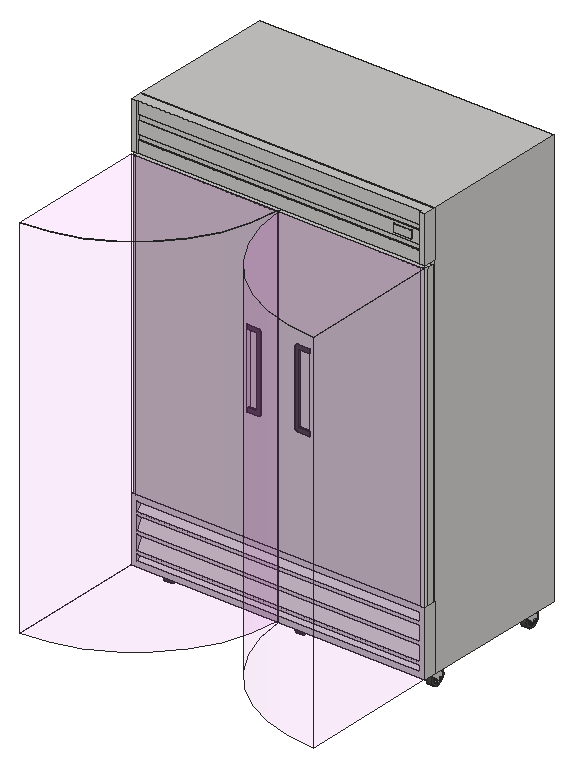
Revit family "QF_Summit_ACRR432L_General_Purpose_Healthcare_All_Refrigerator", category Specialty Equipment, Revit 2020
Family settings
  Round Connector Dimension = Use Diameter
  Part Type = Normal
  Work Plane-Based = No
  Always vertical = Yes
  Cut with Voids When Loaded = No
  Shared = No
  Room Calculation Point = No
Parameters
  Weight in Pounds = 428
  Watts = if(Phase = 3, Volts * FL Amps * 1.73, Volts * FL Amps)  # 736 W
  Volts = 115 V
  URL Cutsheet = ""
  Specification by User = ""
  Specification by Manufacturer = ""
  Show Clearance [instance] = yes
  Serial Number = ""
  Seismic Rating = ""
  SMACNA No = ""
  Revision Code = ""
  Phase = 1
  Number of Poles = 1
  NAFEM Spec ID Number = ""
  Model = "ACRR432L"
  Min Ckt Ampacity = 0 A
  Max Overcurrent Protection = 0 A
  Masterspec = ""
  Manufacturer = "Summit"
  Length = 54 1/4"
  Item Number = ""
  Installed By = ""
  Identify Quantity as Lot = yes
  Height = 81 1/2"
  HP = ""
  Furnished By = ""
  Foodservice Equipment Identifier = yes
  FL Amps = 6.4 A
  Electrical Remarks = ""
  Electric Connection Type = ""
  Elec Conn RI Height = 0"
  Elec Conn Connection Height = 0"
  Description = "General Purpose Healthcare All-Refrigerator"
  Depth = 29 3/4"
  Default Elevation = 0"
  Cycle = 60 Hz
  Conn Plug = ""
  Conn Conduit = yes
  CSI MasterFormat = ""
  Apparent Power = if(Phase = 3, Volts * FL Amps * 1.73, Volts * FL Amps)  # 736 VA
Reference planes (in)
  plane 1 "BACK": y = 0
  plane 2: z = 0
  plane 3 "LEFT": x = 0
  plane 4 "RIGHT": x = 54.25
  plane 5 "FRONT": y = -29.75
  plane 6 "TOP": z = 81.5
  plane 7 "Center Y": x = 27.125
  plane 8 "Center X": y = -14.875
  plane 9 "Base Height": z = 3.5
  plane 10: y = 0.75
  plane 11: y = -55.5
  plane 12: y = -27.5
Forms (in)
  Extrusion 1, solid, material "QF_Metal_Stainless_Polished"
    sketch origin (0, 0, 3.5) x (-1, 0, 0) y (0, -1, 0)
      loop
        line (-1, 26.5) -> (-53.25, 26.5) -> (-53.25, 1) -> (-1, 1) -> (-1, 26.5)
    from 0 to 0.75
  Extrusion 2, solid, material "QF_Metal_Stainless_Polished"
    sketch origin (0, 0, 4.25) x (-1, 0, 0) y (0, -1, 0)
      loop
        line (0, 0) -> (0, 27.5) -> (-54.25, 27.5) -> (-54.25, 0) -> (0, 0)
    from 0 to 77.25
  Extrusion 3, solid, material "QF_Metal_Stainless_Polished"
    sketch origin (57.38997, -27.5, 4.25) x (-1, 0, 0) y (0, 0, -1)
      loop
        line (57.38997, -77.25) -> (57.38997, -68.625) -> (56.38997, -68.625) -> (56.38997, -77.25) -> (57.38997, -77.25)
      loop
        line (3.13997, -77.25) -> (4.13997, -77.25) -> (4.13997, -68.625) -> (3.13997, -68.625) -> (3.13997, -77.25)
      loop
        line (57.38997, -12) -> (57.38997, 0) -> (3.13997, 0) -> (3.13997, -12) -> (57.38997, -12)
      loop
        line (56.38997, -1) -> (4.13997, -1) -> (4.13997, -11) -> (56.38997, -11) -> (56.38997, -1)
    from 0 to 2.25
  Extrusion 4, solid, material "QF_Metal_Stainless_Polished"
    sketch origin (1, -27.5, 81.5) x (0, 0, -1) y (0, 1, 0)
      loop
        line (75, -2.25) -> (75, -1) -> (76.25, -2.25) -> (76.25, 0) -> (66.25, 0) -> (66.25, -1) -> (68, -2.25) -> (68.5, -2.25) -> (68.5, -1) -> (71.25, -2.25) -> (71.75, -2.25) -> (71.75, -1) -> (74.5, -2.25) -> (75, -2.25)
      loop
        line (2.25, -2) -> (2.25, -1.75) -> (3.25, -1.75) -> (3.25, -2) -> (5.5, -2) -> (5.5, -1.75) -> (6.5, -1.75) -> (6.5, -2) -> (8.625, -2) -> (8.625, 0) -> (0, 0) -> (0, -2) -> (2.25, -2)
    from 0 to 52.25
  Extrusion 5, solid, material "QF_Rubber - Black - Smooth"
    sketch origin (57.38997, -27.5, 4.25) x (-1, 0, 0) y (0, 0, -1)
      loop
        line (57.01497, -12.375) -> (3.51497, -12.375) -> (3.51497, -67.75) -> (57.01497, -67.75) -> (57.01497, -12.375)
    from 0 to 0.5
  Extrusion 6, solid, material "QF_Metal_Stainless_Polished"
    sketch origin (54.25, -27.5, 16.25) x (-1, 0, 0) y (0, -1, 0)
      loop
        arc (53.5, 2.2465) -> (54.03033, 2.02683) -> (54.25, 1.4965) r 0.75
        line (54.25, 1.4965) -> (54.25, 0.5) -> (27.25, 0.5) -> (27.25, 2.25) -> (53.5, 2.25)
      loop
        arc (0.75, 2.2465) -> (0.21967, 2.02683) -> (0, 1.4965) r 0.75
        line (0, 1.4965) -> (0, 0.5) -> (27, 0.5) -> (27, 2.25) -> (0.75, 2.25)
    from 0 to 56.125
  Extrusion 7, solid, material "QF_Metal_Stainless_Polished"
    sketch origin (1, -29.5, 81.5) x (0, 0, -1) y (1, 0, 0)
      loop
        line (4.98688, 50.65) -> (3.76313, 50.65)
        arc (3.76313, 50.65) -> (3.68534, 50.61778) -> (3.65313, 50.54) r 0.11
        line (3.65313, 50.54) -> (3.65313, 47.46)
        arc (3.65313, 47.46) -> (3.68534, 47.38222) -> (3.76313, 47.35) r 0.11
        line (3.76313, 47.35) -> (4.98688, 47.35)
        arc (4.98688, 47.35) -> (5.06466, 47.38222) -> (5.09688, 47.46) r 0.11
        line (5.09688, 47.46) -> (5.09688, 50.54)
        arc (5.09688, 50.54) -> (5.06466, 50.61778) -> (4.98688, 50.65) r 0.11
    from 0 to 0.0625
  Extrusion 8, void
    sketch origin (1, -29.5, 81.5) x (0, 0, -1) y (1, 0, 0)
      loop
        line (29.8125, 22.375) -> (29.8125, 20.25) -> (44.3125, 20.25) -> (44.3125, 22.375)
        arc (44.3125, 22.375) -> (44.12944, 22.81694) -> (43.6875, 23) r 0.625
        line (43.6875, 23) -> (30.4375, 23)
        arc (30.4375, 23) -> (29.99556, 22.81694) -> (29.8125, 22.375) r 0.625
      loop
        arc (29.8125, 29.875) -> (29.99556, 29.43306) -> (30.4375, 29.25) r 0.625
        line (30.4375, 29.25) -> (43.6875, 29.25)
        arc (43.6875, 29.25) -> (44.12944, 29.43306) -> (44.3125, 29.875) r 0.625
        line (44.3125, 29.875) -> (44.3125, 32) -> (29.8125, 32) -> (29.8125, 29.875)
    from -0.5 to 0.5
  Extrusion 9, solid, material "QF_Metal_Black"
    sketch origin (27, -29.75, 16.25) x (-1, 0, 0) y (0, 0, -1)
      loop
        line (3.625, -35.4375) -> (5.75, -35.4375) -> (5.75, -34.6872) -> (3.8753, -34.6872)
        arc (3.8753, -34.6872) -> (3.78227, -34.64617) -> (3.7503, -34.54965) r 0.1253
        line (3.7503, -34.54965) -> (3.7503, -21.82535)
        arc (3.7503, -21.82535) -> (3.78227, -21.72883) -> (3.8753, -21.6878) r 0.1253
        line (3.8753, -21.6878) -> (5.75, -21.6878) -> (5.75, -20.9375) -> (3.625, -20.9375)
        arc (3.625, -20.9375) -> (3.18306, -21.12056) -> (3, -21.5625) r 0.625
        line (3, -21.5625) -> (3, -34.8125)
        arc (3, -34.8125) -> (3.18306, -35.25444) -> (3.625, -35.4375) r 0.625
      loop
        arc (-3.875, -35.4375) -> (-3.43306, -35.25444) -> (-3.25, -34.8125) r 0.625
        line (-3.25, -34.8125) -> (-3.25, -21.5625)
        arc (-3.25, -21.5625) -> (-3.43306, -21.12056) -> (-3.875, -20.9375) r 0.625
        line (-3.875, -20.9375) -> (-6, -20.9375) -> (-6, -21.6878) -> (-4.1253, -21.6878)
        arc (-4.1253, -21.6878) -> (-4.03227, -21.72883) -> (-4.0003, -21.82535) r 0.1253
        line (-4.0003, -21.82535) -> (-4.0003, -34.54965)
        arc (-4.0003, -34.54965) -> (-4.03227, -34.64617) -> (-4.1253, -34.6872) r 0.1253
        line (-4.1253, -34.6872) -> (-6, -34.6872) -> (-6, -35.4375) -> (-3.875, -35.4375)
    from 0 to -0.25
  Extrusion 10, solid
    sketch origin (0, 0, 4.25) x (1, 0, 0) y (0, 0, -1)
      loop
        circle (50.68575, -1.3843) r 0.25
    from 0 to 0.0625
  Extrusion 11, solid
    sketch origin (0, 0, 4.25) x (1, 0, 0) y (0, 0, -1)
      loop
        line (44.5, -8.5) -> (46.25, -8.5) -> (46.25, -6.25) -> (44.5, -6.25) -> (44.5, -8.5)
    from 0 to 0.75
  Extrusion 12, solid, material "QF_Clearances_Door_Drawer", visible <- "Show Clearance"
    sketch origin (54.25, -27.5, 16.25) x (0, -1, 0) y (-1, 0, 0)
      loop
        arc (2.25, 27.27895) -> (20.52882, 35.6053) -> (28, 54.25) r 27
        line (28, 54.25) -> (2.25, 54.25) -> (2.25, 27.27895)
      loop
        line (2.25, 26.97105) -> (2.25, 0) -> (28, 0)
        arc (28, 0) -> (20.52882, 18.6447) -> (2.25, 26.97105) r 27
    from -56.125 to 12
Cuts and joins
  joined: Extrusion 3, Extrusion 4
  Extrusion 8 cuts Extrusion 6
Lines and regions (in)
  Split face 1
    outline origin (1, -29.5625, 81.5) x (0, 0, -1) y (1, 0, 0)
      loop
        line (4.61563, 48.0375) -> (4.61563, 49.9614) -> (3.85938, 49.9614) -> (3.85938, 48.0375) -> (4.61563, 48.0375)
  Split face 2
    outline origin (1, -29.5625, 81.5) x (0, 0, -1) y (1, 0, 0)
      loop
        line (4.01486, 50.41322) -> (3.82958, 50.30625) -> (4.01486, 50.19928) -> (4.01486, 50.41322)
  Split face 3
    outline origin (1, -29.5625, 81.5) x (0, 0, -1) y (1, 0, 0)
      loop
        line (4.28794, 50.41322) -> (4.28794, 50.19928) -> (4.47322, 50.30625) -> (4.28794, 50.41322)
  Split face 4
    outline origin (1, -29.5625, 81.5) x (0, 0, -1) y (1, 0, 0)
      loop
        circle (4.90931, 50.30625) r 0.10697
  symbolic lines
    curve 1: line (0, 0, 3.5) -> (54.25, 0, 3.5)
    curve 2: line (0, -29.75, 3.5) -> (0, 0, 3.5)
    curve 3: line (54.25, -27.5, 3.5) -> (0, -27.5, 3.5)
    curve 4: line (54.25, 0, 3.5) -> (54.25, -29.75, 3.5)
    curve 5: line (1, -29.5, 3.5) -> (53.25, -29.5, 3.5)
    curve 6: line (0, -29.75, 3.5) -> (54.25, -29.75, 3.5)
    curve 7: line (53.25, -29.5, 3.5) -> (53.25, -29.75, 3.5)
    curve 8: line (1, -29.5, 3.5) -> (1, -29.75, 3.5)
    curve 13: line (44.5, 0, 3.5) -> (44.5, 0.75, 3.5)
    curve 14: line (44.5, 0.75, 3.5) -> (46.25, 0.75, 3.5)
    curve 15: line (46.25, 0.75, 3.5) -> (46.25, 0, 3.5)
  symbolic lines, style "QF_Clearances_Door_Drawer", visible <- "Show Clearance"
    curve 9: line (54.25, -29.75, 3.5) -> (31.42738, -42.92664, 3.5)
    curve 10: arc (31.42738, -42.92664, 3.5) -> (28.4962, -36.60812, 3.5) -> (27.27895, -29.75, 3.5) r 27
    curve 11: line (0, -29.75, 3.5) -> (22.82262, -42.92664, 3.5)
    curve 12: arc (22.82262, -42.92664, 3.5) -> (25.7538, -36.60812, 3.5) -> (26.97105, -29.75, 3.5) r 27
Dimensions and locks (in)
  equal spacing: plane 3 "LEFT", plane 7 "Center Y", plane 4 "RIGHT"
  "Length": plane 3 "LEFT" to plane 4 "RIGHT"
  equal spacing: plane 5 "FRONT", plane 8 "Center X", plane 1 "BACK"
  "Depth": plane 5 "FRONT" to plane 1 "BACK"
  "Height": plane 6 "TOP" to level
  plane 9 "Base Height" to level = 3 1/2"
  plane 6 "TOP" to plane 9 "Base Height" = 78"
  plane 1 "BACK" to plane 10 = 3/4"
  plane 10 to plane 11 = 56 1/4"
  plane 12 to plane 1 "BACK" = 27 1/2"
  aligned and locked: level to plane 2
Automatic sketch dimensions
  plane 1 "BACK" to Extrusion 1 sketch curve = 1"
  plane 4 "RIGHT" to Extrusion 1 sketch curve = 1"
  plane 3 "LEFT" to Extrusion 1 sketch curve = 1"
  plane 12 to Extrusion 1 sketch curve = 1"
  Extrusion 1 to Extrusion 2 sketch curve = 1"  (x4)
  Extrusion 3 sketch curve to Extrusion 2 = 0"  (x7)
  Extrusion 3 sketch curve to Extrusion 2 = 1"  (x2)
  Extrusion 2 to Extrusion 3 sketch curve = 1"  (x3)
  Extrusion 2 to Extrusion 3 sketch curve = 8 5/8"  (x2)
  Extrusion 2 to Extrusion 3 sketch curve = 12"
  Extrusion 3 sketch curve to Extrusion 3 sketch curve = 1"
  Extrusion 3 to Extrusion 4 sketch curve = 0"
  Extrusion 4 sketch curve to Extrusion 3 = 0"  (x7)
  Extrusion 3 to Extrusion 4 sketch curve = 1/4"  (x3)
  Extrusion 3 to Extrusion 4 sketch curve = 2 1/4"
  Extrusion 4 sketch curve to Extrusion 4 sketch curve = 1"  (x2)
  Extrusion 4 sketch curve to Extrusion 4 sketch curve = 2 1/4"
  Extrusion 3 to Extrusion 4 sketch curve = 1/2"
  Extrusion 4 sketch curve to Extrusion 3 = 57 5/8"
  Extrusion 4 sketch curve to Extrusion 4 sketch curve = 1 3/4"
  Extrusion 4 sketch curve to Extrusion 4 sketch curve = 1/2"  (x3)
  Extrusion 4 sketch curve to Extrusion 4 sketch curve = 2 3/4"  (x2)
  Extrusion 3 to Extrusion 4 sketch curve = 1"  (x4)
  Extrusion 4 sketch curve to Extrusion 4 sketch curve = 1 1/4"
  Extrusion 4 sketch curve to Extrusion 4 sketch curve = 1/4"
  Extrusion 5 sketch curve to Extrusion 2 = 3/8"
  Extrusion 2 to Extrusion 5 sketch curve = 3/8"
  Extrusion 2 to Extrusion 5 sketch curve = 9 1/2"
  Extrusion 2 to Extrusion 5 sketch curve = 12 3/8"
  Extrusion 6 sketch curve to Extrusion 3 = 0"  (x4)
  Extrusion 6 sketch curve to Extrusion 6 sketch curve = 3/4"
  Extrusion 3 to Extrusion 6 sketch curve = 1/2"
  Extrusion 6 sketch curve to Extrusion 6 sketch curve = 26 1/4"
  Extrusion 6 sketch curve to Extrusion 6 sketch curve = 1/4"
  Extrusion 6 sketch curve to Extrusion 3 = 3/4"
  Extrusion 6 sketch curve to Extrusion 6 sketch curve = 0"  (x3)
  Extrusion 3 to Extrusion 6 sketch curve = 0.7535"  (x2)
  Extrusion 4 to Extrusion 7 sketch curve = 0.40313"
  Extrusion 7 sketch curve to Extrusion 7 sketch curve = 0.11"  (x3)
  Extrusion 7 sketch curve to Extrusion 4 = 0.51312"  (x2)
  Extrusion 4 to Extrusion 7 sketch curve = 4.9"
  Extrusion 4 to Extrusion 7 sketch curve = 1.71"
  Split face 1 sketch curve to Extrusion 7 = 0.20625"
  Split face 1 sketch curve to Extrusion 7 = 0.48125"
  Split face 1 sketch curve to Extrusion 7 = 11/16"
  Split face 1 sketch curve to Extrusion 7 = 0.6886"
  Split face 2 sketch curve to Extrusion 7 = 0.36173"
  Split face 2 sketch curve to Extrusion 7 = 0.23678"
  Split face 2 sketch curve to Split face 2 sketch curve = 0.18528"
  Split face 2 sketch curve to Split face 2 sketch curve = 0.10697"  (x2)
  Split face 3 sketch curve to Extrusion 7 = 0.63482"
  Split face 3 sketch curve to Extrusion 7 = 0.45072"
  Split face 3 sketch curve to Extrusion 7 = 0.23678"
  Split face 3 sketch curve to Split face 3 sketch curve = 0.18528"
  Split face 3 sketch curve to Split face 3 sketch curve = 0.10697"
  Split face 4 sketch curve to Extrusion 7 = 0.18757"
  Split face 4 sketch curve to Extrusion 7 = 11/32"
  Extrusion 4 to Extrusion 8 sketch curve = 24 5/16"
  Extrusion 8 sketch curve to Extrusion 8 sketch curve = 0"  (x2)
  Extrusion 8 sketch curve to Extrusion 8 sketch curve = 5/8"  (x4)
  Extrusion 8 sketch curve to Extrusion 8 sketch curve = 13 1/4"
  Extrusion 4 to Extrusion 8 sketch curve = 20 1/4"
  Extrusion 8 sketch curve to Extrusion 8 sketch curve = 2 1/8"  (x2)
  Extrusion 8 sketch curve to Extrusion 8 sketch curve = 6 1/4"
  Extrusion 9 sketch curve to Extrusion 6 = 6"  (x2)
  Extrusion 9 sketch curve to Extrusion 9 sketch curve = 1.8747"  (x4)
  Extrusion 9 sketch curve to Extrusion 9 sketch curve = 0.0003"  (x4)
  Extrusion 9 sketch curve to Extrusion 9 sketch curve = 0.1247"  (x3)
  Extrusion 9 sketch curve to Extrusion 9 sketch curve = 0.2503"  (x2)
  Extrusion 9 sketch curve to Extrusion 9 sketch curve = 5/8"  (x4)
  Extrusion 6 to Extrusion 9 sketch curve = 3"
  Extrusion 9 sketch curve to Extrusion 9 sketch curve = 0.1253"  (x4)
  Extrusion 6 to Extrusion 9 sketch curve = 20 11/16"
  Extrusion 9 sketch curve to Extrusion 9 sketch curve = 0.7503"
  Extrusion 9 sketch curve to Extrusion 9 sketch curve = 12.72431"
  Extrusion 9 sketch curve to Extrusion 9 sketch curve = 0"
  Extrusion 9 sketch curve to Extrusion 9 sketch curve = 0.01225"  (x2)
  Extrusion 9 sketch curve to Extrusion 9 sketch curve = 0.26285"  (x2)
  Extrusion 2 to Extrusion 10 sketch curve = 1.3843"
  Extrusion 10 sketch curve to Extrusion 2 = 3.56425"
  Extrusion 11 sketch curve to Extrusion 2 = 9 3/4"
  Extrusion 11 sketch curve to Extrusion 11 sketch curve = 1 3/4"
  Extrusion 2 to Extrusion 11 sketch curve = 68 3/4"
  Extrusion 11 sketch curve to Extrusion 11 sketch curve = 2 1/4"
  Extrusion 12 sketch curve to Extrusion 6 = 0"  (x3)
  Extrusion 6 to Extrusion 12 sketch curve = 0"
  Extrusion 6 to Extrusion 12 sketch curve = 1/2"  (x2)
  Extrusion 12 sketch curve to Extrusion 12 sketch curve = 25 3/4"
  Extrusion 12 sketch curve to Extrusion 6 = 25 3/4"
  curve 9 to plane 4 "RIGHT" = 0"
  curve 10 to plane 4 "RIGHT" = 0"
  plane 5 "FRONT" to curve 7 = 0"
  curve 15 to plane 10 = 0"
  plane 1 "BACK" to curve 13 = 0"
  curve 3 to plane 3 "LEFT" = 0"
  curve 12 to plane 3 "LEFT" = 0"
  curve 3 to plane 12 = 0"
  curve 5 to plane 5 "FRONT" = 1/4"
  plane 4 "RIGHT" to curve 5 = 1"
  plane 4 "RIGHT" to curve 13 = 9 3/4"
  plane 7 "Center Y" to curve 9 = 4.30238"
  curve 11 to plane 7 "Center Y" = 4.30238"
  plane 3 "LEFT" to curve 5 = 1"
  curve 3 to curve 12 = 1"
  curve 3 to curve 10 = 1"
  plane 11 to curve 9 = 12.57336"
  curve 11 to curve 10 = 0"
  curve 15 to curve 13 = 1 3/4"
  radius of Split face 4 sketch curve = 0.10697"
  radius of Extrusion 10 sketch curve = 1/4"
Nested families (in)
  nested 1: "3.5 INCHES_CASTER" at (51.4375, -2.8125, 0), type "3.5 INCHES_CASTER"
    with Show Key Lock no, Show 3.5 Inches Casters yes, F5 yes
  nested 2: "3.5 INCHES_CASTER" at (51.4375, -24.6875, 0), type "3.5 INCHES_CASTER"
    with Show Key Lock no, Show 3.5 Inches Casters yes, F5 yes
  nested 3: "3.5 INCHES_CASTER" at (27.125, -2.8125, 0), type "3.5 INCHES_CASTER"
    with Show Key Lock no, Show 3.5 Inches Casters yes, F5 yes
  nested 4: "3.5 INCHES_CASTER" at (27.125, -24.6875, 0), type "3.5 INCHES_CASTER"
    with Show Key Lock no, Show 3.5 Inches Casters yes, F5 yes
  nested 5: "3.5 INCHES_CASTER" at (2.8125, -2.8125, 0), type "3.5 INCHES_CASTER"
    with Show Key Lock no, Show 3.5 Inches Casters yes, F5 yes
  nested 6: "3.5 INCHES_CASTER" at (2.8125, -24.6875, 0), type "3.5 INCHES_CASTER"
    with Show Key Lock no, Show 3.5 Inches Casters yes, F5 yes
Connectors (in)
  electrical at (50.68575, 0.0625, 5.6343), driven by "Volts"
    settings: on Extrusion 10, index 1, voltage 115 V, apparent load 0 VA, apparent load phase1 0 VA, apparent load phase2 0 VA, apparent load phase3 0 VA, power factor 1, load classification "Other", number of poles 1, system type 30, power factor state 1, is connector primary yes, connector utility no, sub classification motor no, connector description "Electrical Connection"
Definition of nested family "3.5 INCHES_CASTER"
  Parameters (values of type "3.5 INCHES_CASTER")
    Show Key Lock [instance] = no
    Show 3.5 Inches Casters [instance] = yes
    F5 [instance] = yes
    Default Elevation = 0"
  Reference planes (in)
    plane 1 "Center (Front/Back)": y = 0
    plane 2: z = 0
    plane 3 "Center (Left/Right)": x = 0
  Forms (in)
    Revolve 1, solid, visible <- "Show 3.5 Inches Casters"
      sketch origin (-1.93794, 0.76004, -1.25409) x (1, 0, 0) y (0, 0, 1)
        loop
          line (0.81956, 2.6291) -> (0.81956, 2.56922) -> (0.85393, 2.53485) -> (0.92956, 2.53485) -> (0.92956, 2.44602) -> (1.29838, 2.44602) -> (1.29838, 2.30132) -> (1.38482, 2.25141) -> (1.42737, 1.98847) -> (1.37588, 1.98847) -> (1.37588, 1.78535) -> (1.40713, 1.78535) -> (1.40713, 1.25409) -> (2.46875, 1.25409) -> (2.46875, 1.78535) -> (2.5, 1.78535) -> (2.5, 1.98847) -> (2.44851, 1.98847) -> (2.49106, 2.25141) -> (2.5775, 2.30132) -> (2.5775, 2.44602) -> (2.94632, 2.44602) -> (2.94632, 2.53485) -> (3.02195, 2.53485) -> (3.05632, 2.56922) -> (3.05632, 2.6291) -> (0.81956, 2.6291)
        axis (0.81956, 2.6291) -> (3.05632, 2.6291)
      angle from 0 to 360
    Extrusion 2, solid, visible <- "Show 3.5 Inches Casters"
      sketch origin (-1.98481, 1.80294, -2.15059) x (0, 1, 0) y (0, 0, 1)
        loop
          line (-3.08794, 5.33423) -> (-3.08794, 5.00584) -> (-0.60262, 5.00584) -> (-0.64294, 5.33423) -> (-3.08794, 5.33423)
      from 1.29857 to 2.67106
    Revolve 3, solid, visible <- "Show 3.5 Inches Casters"
      sketch origin (0, 2.15543, -2.6465) x (0, 1, 0) y (0, 0, 1)
        loop
          line (-2.21793, 6.1465) -> (-2.21793, 5.83014) -> (-1.05793, 5.83014) -> (-1.05793, 6.1465) -> (-2.21793, 6.1465)
        axis (-2.21793, 5.83014) -> (-2.21793, 6.1465)
      angle from 0 to 360
    Extrusion 4, solid, visible <- "Show 3.5 Inches Casters"
      sketch origin (-2.06294, 1.80294, -2.15059) x (0, 1, 0) y (0, 0, 1)
        loop
          line (-3.08794, 5.33423) -> (-3.08794, 5.00584) -> (-1.48396, 3.16068)
          arc (-1.48396, 3.16068) -> (-0.78568, 3.00588) -> (-0.43349, 3.62838) r 0.60122
          line (-0.43349, 3.62838) -> (-0.64294, 5.33423) -> (-3.08794, 5.33423)
      from 2.74918 to 2.90825
    Extrusion 5, solid, visible <- "Show 3.5 Inches Casters"
      sketch origin (2.06294, 1.80294, -2.15059) x (0, 1, 0) y (0, 0, -1)
        loop
          line (-1.48396, -3.16068) -> (-3.08794, -5.00584) -> (-3.08794, -5.33423) -> (-0.64294, -5.33423) -> (-0.43349, -3.62838)
          arc (-0.43349, -3.62838) -> (-0.78568, -3.00588) -> (-1.48396, -3.16068) r 0.60122
      from 2.74918 to 2.90825
    Extrusion 6, solid, visible <- "Show Key Lock"
      sketch origin (0.89862, 1.76789, -1.14362) x (0, 1, 0) y (0, 0, 1)
        loop
          line (-2.39989, 2.09738) -> (-2.30783, 1.93793)
          arc (-2.30783, 1.93793) -> (-2.13879, 1.80822) -> (-1.92754, 1.83603) r 0.27839
          line (-1.92754, 1.83603) -> (-1.57029, 2.04229)
          arc (-1.57029, 2.04229) -> (-1.50315, 2.0701) -> (-1.4311, 2.07959) r 0.27839
          line (-1.4311, 2.07959) -> (-0.7723, 2.07959)
          arc (-0.7723, 2.07959) -> (-0.54587, 2.1597) -> (-0.40191, 2.35195) r 0.41441
          arc (-0.40191, 2.35195) -> (-0.40626, 2.37968) -> (-0.42634, 2.39928) r 0.04447
          arc (-0.42634, 2.39928) -> (-0.65412, 2.51672) -> (-0.57031, 2.7589) r 0.19568
          line (-0.57031, 2.7589) -> (0.02632, 3.10345)
          arc (0.02632, 3.10345) -> (0.11345, 3.07896) -> (0.08683, 2.99246) r 0.06323
          line (0.08683, 2.99246) -> (0.20301, 2.87627)
          arc (0.20301, 2.87627) -> (0.31262, 3.04375) -> (0.28154, 3.24147) r 0.27839
          line (0.28154, 3.24147) -> (0.10659, 3.54449) -> (-0.58666, 3.14425)
          arc (-0.58666, 3.14425) -> (-0.69753, 3.13092) -> (-0.80919, 3.13219) r 0.85288
          arc (-0.80919, 3.13219) -> (-1.11116, 3.06753) -> (-1.33427, 2.85402) r 0.56619
          arc (-1.33427, 2.85402) -> (-1.39407, 2.74283) -> (-1.464, 2.63771) r 1.34854
          line (-1.464, 2.63771) -> (-1.78367, 2.45315) -> (-2.39989, 2.09738)
      from 0 to 0.0625
    Extrusion 7, solid, visible <- "Show Key Lock"
      sketch origin (1.14862, 1.76789, -1.14362) x (0, 1, 0) y (0, 0, 1)
        loop
          arc (0.20301, 2.87627) -> (0.29927, 2.99974) -> (0.31368, 3.15563) r 0.27839
          line (0.31368, 3.15563) -> (-0.30331, 2.71182)
          arc (-0.30331, 2.71182) -> (-0.32179, 2.59866) -> (-0.20862, 2.58018) r 0.08108
          line (-0.20862, 2.58018) -> (0.20301, 2.87627)
      from -0.25 to 0.5
  Cuts and joins
    joined: Extrusion 2, Extrusion 4, Extrusion 5
  Lines and regions (in)
    symbolic lines, visible <- "Show 3.5 Inches Casters"
      curve 1: line (-1.07514, -0.72999, 0) -> (-0.15575, -1.2608, 0)
      curve 2: line (0.15575, 1.40198, 0) -> (-0.21925, 0.75247, 0)
      curve 3: line (1.07514, 0.87117, 0) -> (0.15575, 1.40198, 0)
      curve 4: line (-0.15575, -1.2608, 0) -> (0.28086, -0.50457, 0)
      curve 5: line (-0.65215, 0.00266, 0) -> (-1.07514, -0.72999, 0)
      curve 6: line (0.70014, 0.22166, 0) -> (1.07514, 0.87117, 0)
  Dimensions and locks (in)
    aligned and locked: level to plane 2
